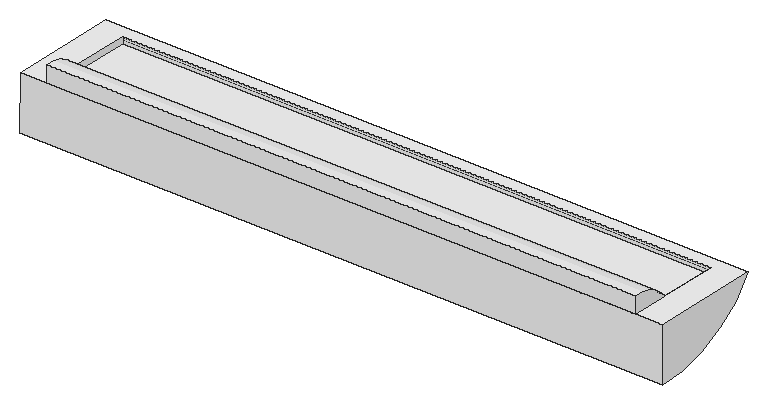
Revit family "54R", category Lighting Fixtures, host Wall, Revit 2021
Family settings
  Host = Wall
  Round Connector Dimension = Use Diameter
  Part Type = Normal
  OmniClass Number = 23.80.70.11.14.17
  OmniClass Title = Direct/Indirect
  Always vertical = Yes
  Cut with Voids When Loaded = No
  Light Source = Yes
  Shared = No
  Room Calculation Point = No
Parameters (values of type "54L-W-02")
  Watts = 4 W
  Wattage = 4 W
  built-in parameter 1150110 = 1 (stored number, unit not read)
  Voltage [instance] = 120 V
  URL = "https://www.currentlighting.com/litecontrol"
  built-in parameter 1114217 = 1 (stored number, unit not read)
  Tilt Angle = -90.00°
  built-in parameter 1150109 = 1 (stored number, unit not read)
  built-in parameter 1150134 = (empty or 0)
  built-in parameter 1150113 = 1 (stored number, unit not read)
  Reflector Finish = White Glass
  Product Page URL = ""
  Product Material = Paint -  Matte White
  Product Documentation Link = ""
  Power Factor = 1
  Photometric Web File = "generic"
  built-in parameter 1150142 = (empty or 0)
  Mounting = "Wall-Mounted"
  Model = "54L W"  # constant formula
  Manufacturer = "LiteControl"  # constant formula
  built-in parameter 1150105 = 24.414 (stored number, unit not read)
  Lumens = 306.8 lm
  built-in parameter 1150115 = 1 (stored number, unit not read)
  Load Classification = Lighting
  built-in parameter 1150137 = (empty or 0)
  built-in parameter 1150139 = (empty or 0)
  Length = 24"
  built-in parameter 1150112 = 1 (stored number, unit not read)
  built-in parameter 1150114 = 1 (stored number, unit not read)
  Lamp = "LED"
  built-in parameter 1150132 = (empty or 0)
  built-in parameter 1150102 = (empty or 0)
  built-in parameter 1150107 = 3000 (stored number, unit not read)
  built-in parameter 1150138 = (empty or 0)
  built-in parameter 1150106 = 0.24414 (stored number, unit not read)
  Fixture distribution = "Asymmetric Indirect"
  Emit from Rectangle Width = 2"  # constant formula
  Emit from Rectangle Length = Length - 2"  # 22"
  Emit Shape Visible in Rendering = no
  built-in parameter 1150104 = 7.1257 (stored number, unit not read)
  Dimming Lamp Color Temperature Shift = <None>
  Description = "Arcos Wall LED"  # constant formula
  Default Elevation = 0"
  Color Filter = 16777215
  built-in parameter 1114218 = 1 (stored number, unit not read)
  built-in parameter 1150133 = 10 (stored number, unit not read)
  Assembly Code = "D5020210"
  Apparent Load = Watts / Power Factor  # 4 VA
Types (5): name | built-in parameter 1150134 | Length | built-in parameter 1150107 | Emit from Rectangle Length
  54L-W-02 | (empty or 0) | 24" | 3000 (stored number, unit not read) | 22"
  54L-W-03 | 3 | 36" | 3200 (stored number, unit not read) | 34"
  54L-W-04 | 3 | 48" | 3200 (stored number, unit not read) | 46"
  54L-W-06 | 3 | 72" | 3200 (stored number, unit not read) | 70"
  54L-W-08 | 3 | 96" | 3200 (stored number, unit not read) | 94"
Reference planes (in)
  plane 1: y = 0
  plane 2 "Light Source Axis (L/R)": x = 4.92126
  plane 3 "Light Source Axis (F/R)": y = 5.45276
  plane 4 "Light Source Elevation": z = 71.68457
  plane 5 "Top Elevation": z = 72.43457
  plane 6: x = 16.92126
  plane 7: x = -7.07874
  plane 8: z = 69.80957
  plane 9: y = 6.95276
  plane 10: y = 2.95276
  plane 11: z = 71.80957
  plane 12: x = 15.92126
  plane 13: x = -6.07874
  plane 14: z = 71.5752
  plane 15: y = 4.25276
  plane 16: y = 6.50276
  plane 17: z = 71.70957
Forms (in)
  Extrusion 1, solid, material "Paint -  Matte White" <- "Product Material"
    sketch origin (4.92126, 0, 0) x (0, 1, 0) y (0, 0, 1)
      loop
        line (2.95276, 71.80957) -> (2.95276, 69.80957)
        arc (2.95276, 69.80957) -> (5.21352, 70.28804) -> (6.95276, 71.80957) r 4.57901
        line (6.95276, 71.80957) -> (2.95276, 71.80957)
    from -12 to 12
  Extrusion 2, solid, material "Paint -  Matte White" <- "Product Material"
    sketch origin (4.92126, 0, 0) x (0, 1, 0) y (0, 0, 1)
      loop
        line (2.95276, 71.80957) -> (4.31827, 71.80957)
        arc (4.31827, 71.80957) -> (3.71006, 72.28496) -> (2.95276, 72.43457) r 1.66329
        line (2.95276, 72.43457) -> (2.95276, 71.80957)
    from -11 to 11
  Extrusion 3, void
    sketch origin (4.92126, 0, 0) x (0, 1, 0) y (0, 0, 1)
      loop
        line (4.25276, 71.5752) -> (6.50276, 71.5752) -> (6.50276, 71.80957) -> (4.25276, 71.80957) -> (4.25276, 71.5752)
    from -11 to 11
  Extrusion 4, solid, material "White Glass" <- "Reflector Finish"
    sketch origin (4.92126, 0, 0) x (0, 1, 0) y (0, 0, 1)
      loop
        line (4.25276, 71.80957) -> (4.25276, 71.70957) -> (6.50276, 71.70957) -> (6.50276, 71.80957) -> (4.25276, 71.80957)
    from -11 to 11
Cuts and joins
  Extrusion 3 cuts Extrusion 1
  Extrusion 3 cuts Extrusion 2
Text (in)
  text "Placement side" at (-70.3598, 43.96769, 0), in view "Ref. Level"
  text "Placement side" at (0, 83.08644, 117.56134), in view "Left"
  text "Placement side" at (0, 24.74324, 118.58137), in view "Right"
Dimensions and locks (in)
  equal spacing: plane 7, plane 2 "Light Source Axis (L/R)", plane 6
  "Length": plane 7 to plane 6
  locked: plane 8 to plane 5 "Top Elevation" at 2.625
  plane 10 to plane 9 = 4"
  locked: plane 4 "Light Source Elevation" to plane 5 "Top Elevation" at 0.75
  locked: plane 11 to plane 8 at 2
  locked: plane 12 to plane 6 at 1
  locked: plane 7 to plane 13 at 1
  Extrusion 2 to plane 4 "Light Source Elevation" = 1/8"
  locked: plane 16 to plane 9 at 0.45
  plane 15 to plane 16 = 2 1/4"
  locked: plane 11 to plane 17 at 0.1
  locked: plane 11 to plane 14 at 0.23437
  locked: plane 3 "Light Source Axis (F/R)" to plane 9 at 1.5
  radius of Extrusion 2 sketch curve = 1.66329"
  aligned and locked: plane 1 to host wall
  aligned and locked: plane 10 to host wall
  aligned and locked: Extrusion 1 sketch curve to plane 11
  aligned and locked: Extrusion 1 sketch curve to plane 10
  aligned and locked: Extrusion 1 to plane 6
  aligned and locked: plane 7 to Extrusion 1
  aligned and locked: plane 10 to Extrusion 2 sketch curve
  aligned and locked: Extrusion 2 sketch curve to plane 11
  aligned and locked: Extrusion 2 to plane 12
  aligned and locked: plane 14 to Extrusion 3 sketch curve
  aligned and locked: plane 15 to Extrusion 3 sketch curve
  aligned and locked: plane 16 to Extrusion 3 sketch curve
  aligned and locked: plane 11 to Extrusion 3
  aligned and locked: Extrusion 3 to plane 12
  aligned and locked: Extrusion 3 to plane 13
  aligned and locked: Extrusion 4 sketch curve to cut or joined group of Extrusion 1, Extrusion 3  (x3)
  aligned and locked: plane 17 to Extrusion 4 sketch curve
  aligned and locked: Extrusion 4 to plane 12
  aligned and locked: Extrusion 4 to plane 13
  aligned and locked: cut or joined group of Extrusion 2, Extrusion 3 to plane 13
  aligned and locked: plane 4 "Light Source Elevation" to imposter light
  aligned and locked: imposter light to plane 3 "Light Source Axis (F/R)"
Automatic sketch dimensions
  Extrusion 1 sketch curve to plane 9 = 0"
  Extrusion 1 sketch curve to plane 8 = 0"
  host wall to Extrusion 1 sketch curve = 0.21298"
  Extrusion 2 sketch curve to plane 5 "Top Elevation" = 0"
  host wall to Extrusion 2 sketch curve = 0.06508"
  plane 11 to Extrusion 3 sketch curve = 0"
Connectors (in)
  electrical at (4.92126, 2.95276, 70.80957), driven by "Load Classification", driven by "Voltage", driven by "Apparent Load", driven by "Power Factor"
    settings: on cut or joined group of Extrusion 1, Extrusion 3, index 1, voltage 120 V, apparent load 4 VA, apparent load phase1 0 VA, apparent load phase2 0 VA, apparent load phase3 0 VA, power factor 1, load classification "Lighting", number of poles 1, system type 30, power factor state 1, is connector primary yes, connector utility no, sub classification motor no, connector description "Electrical Connector"
